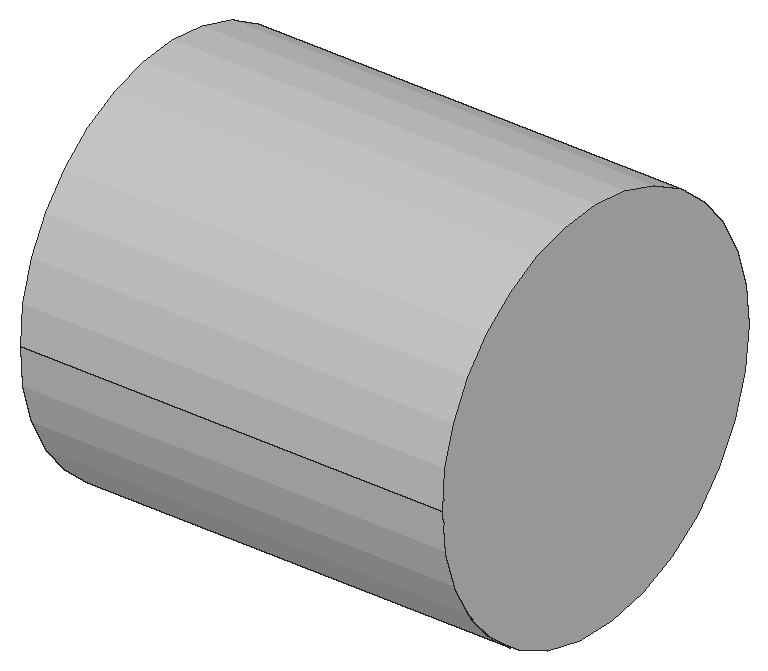
Revit family "Couplings-Shielded-Champion_Couplings-Transition-MI-HUB-TRCC_Series", category Pipe Fittings, Revit 2014
Parameters (values of type "MI-HUB-TRCC-1125 (1.25" x 1")")
  Width B = 1.360"
  Width A = 1.930"
  Waste Connection = no
  Warranty Information = "1 Year Warranty"  # constant formula
  Vent Connection = no
  URL = "http://www.mifab.com"
  Tick Size = Width A * 0.4  # 0.772"
  Standard Listings & Approval = "CSA Approved, U.P.C. Approved"  # constant formula
  Product Page URL = "http://www.mifab.com/Catalog/No_Hub_Couplings/MIHUBTRCC_SHIELDED_NO_HUB_TRANSITION_COUPLINGSCOPPER_TO_COPPER.html"
  Product Documentation Link = "http://www.mifab.com/Catalog/Library/MI-HUB-TRCC-spec_sheet.pdf"
  Price = "Prices may vary. Please consult Manufacturer Representative for most up-to-date price list."  # constant formula
  Pipe Size Description = "1 1/4” Plastic to 1\" Plastic"
  Pipe Outlet Connection Diameter = 1.000"
  Pipe Inlet Connection Diameter = 1.250"
  Pallet Quantity = "7200"
  Nominal Diameter = 1.750"
  Model = "MI-HUB-TRCC"
  Material = "Metal-Champion Couplings-Stainless Steel"  # constant formula
  Masking Reg 2 = no
  Masking Reg 1 = yes
  Manufacturer = "Champion Couplings"  # constant formula
  List Price (Each Piece) = 16.75
  Nominal Height = Height  # 2.130"
  Height = 2.130"
  HW Connection = no
  Description = "MIFAB® Series MI-HUB-TRT (specify size) shielded transition couplings are manufactured with gaskets made\r\nfrom an elastomeric compound that meets the requirements of ASTM C-564 housed inside a Type 300 stainless steel shield. Two\r\nType 300 stainless steel clamps tightened with 5/16” Type 300 stainless steel hex head screws surround the shield to provide the\r\nsealing force. The MI-HUB-TRT Series of shielded transition couplings are tested and certified to ASTM Standard 1460-2012 and\r\nCSA Standard B602-2010 and listed with I.A.P.M.O. All models are listed to the National Plumbing Code of Canada and relevant\r\nCanadian Standard(s) and bear the cUPC mark of conformity. Non constant temperature rating is 140 F."  # constant formula
  Creation Date = "\"2/25/2016\""
  Carton Quantity = "100"
  CW Connection = yes
  Assembly Code = "D2090800"
Types (13): name | Width B | Width A | Tick Size | Pipe Size Description | Pipe Outlet Connection Diameter | Pipe Inlet Connection Diameter | Nominal Diameter | List Price (Each Piece)
  (no name) | 1.360" | 1.930" | 0.772" | "1 1/4” Plastic to 1\" Plastic" | 1.000" | 1.250" | 1.750" | 16.75
  MI-HUB-TRCC-1125 (1.5" x 1.25") | 1.360" | 1.930" | 0.772" | "1 1/2” Copper x 1 1/4” Copper" | 1.250" | 1.500" | 1.750" | 16.75
  MI-HUB-TRCC-1125 (1.5" x 1") | 1.360" | 1.930" | 0.772" | "1 1/2” Copper x 1\" Plastic" | 1.000" | 1.500" | 1.750" | 16.75
  MI-HUB-TRCC-1125 (1.25" x 1") | 1.360" | 1.930" | 0.772" | "1 1/4” Plastic to 1\" Plastic" | 1.000" | 1.250" | 1.750" | 16.75
  MI-HUB-TRCC-1125 (1.25" x 1.25") | 1.360" | 1.930" | 0.772" | "1 1/4” Plastic to 1 1/4” Copper" | 1.250" | 1.250" | 1.750" | 16.75
  MI-HUB-TRCC-150 (1.5" x 1.5") | 1.640" | 1.950" | 0.780" | "1 1/2” Copper x 1 1/2” Copper" | 1.500" | 1.500" | 1.750" | 10.25
  MI-HUB-TRCC-150 (1.5" x 1.25") | 1.640" | 1.950" | 0.780" | "1 1/2” Copper x 1 1/4” Copper" | 1.250" | 1.500" | 1.750" | 10.25
  MI-HUB-TRCC-150 (1.25" x 1.25") | 1.640" | 1.950" | 0.780" | "1 1/4” Plastic to  1 1/4” Plastic" | 1.250" | 1.250" | 1.750" | 10.25
  MI-HUB-TRCC-150 (1.25" x 1.5") | 1.640" | 1.950" | 0.780" | "1 1/4” Plastic to  1 1/2\" Copper" | 1.500" | 1.250" | 1.750" | 10.25
  MI-HUB-TRCC-215 (2" x 1.5") | 1.930" | 2.400" | 0.960" | "2\" Copper to 1 1/2\" Copper" | 1.500" | 2.000" | 1.750" | 11
  MI-HUB-TRCC-215 (2" x 1.25") | 1.930" | 2.400" | 0.960" | "2\" Copper to 1 1/4\" Plastic" | 1.250" | 2.000" | 1.750" | 11
  MI-HUB-TRCC-220 | 2.340" | 2.280" | 0.912" | "2\" Copper TO 2\" Copper" | 2.000" | 2.000" | 2.125" | 11
  MI-HUB-TRCC-330 | 3.520" | 3.370" | 1.348" | "3\" Copper TO 3\" Copper" | 3.000" | 3.000" | 3.125" | 12.5
Reference planes (in)
  plane 1 "Center (Front/Back)": y = 0
  plane 2: z = 0
  plane 3 "Center (Left/Right)": x = 0
  plane 4: x = -1.065
  plane 5: x = 1.065
  plane 6: x = 1.065
  plane 7: y = 0.965
  plane 8: y = -0.965
  plane 9: y = 0.875
  plane 10: y = -0.875
  plane 11: y = 0.965
  plane 12: y = -0.965
  plane 13: y = -0.875
  plane 14: y = 0.875
Forms (in)
  Extrusion 1, solid, material "Metal-Champion Couplings-Stainless Steel"
    sketch origin (0, 0, 0) x (0, 1, 0) y (0, 0, 1)
      loop
        circle (0, 0) r 0.965
    from -1.065 to 1.065
  Revolve 2, solid, material "Metal-Champion Couplings-Stainless Steel"
    sketch origin (0, 0, 0) x (1, 0, 0) y (0, 1, 0)
      loop
        line (0, 0.965) -> (0, 0) -> (1.065, 0) -> (1.065, 0.875) -> (0.09, 0.875) -> (0, 0.965)
      axis (0, 0) -> (1.065, 0)
    angle from 0 to 360
Cuts and joins
  joined: Extrusion 1, Revolve 2
Lines and regions (in)
  Masking region 1, visible <- "Masking Reg 2", detail levels fine
    outline origin (0, 0, 0) x (1, 0, 0) y (0, 1, 0)
      loop
        line (-1.065, 0.965) -> (-1.065, -0.965) -> (0, -0.965) -> (0.09, -0.875) -> (1.065, -0.875) -> (1.065, 0.875) -> (0.09, 0.875) -> (0, 0.965) -> (-1.065, 0.965)
  Masking region 2, visible <- "Masking Reg 1", detail levels fine
    outline origin (0, 0, 0) x (1, 0, 0) y (0, 1, 0)
      loop
        line (-1.065, 0.965) -> (-1.065, -0.965) -> (1.065, -0.965) -> (1.065, 0.965) -> (-1.065, 0.965)
  model lines, detail levels coarse+medium
    curve 1: line (-1.065, 0.772, 0) -> (-1.065, -0.772, 0)
    curve 2: line (1.065, 0.772, 0) -> (1.065, -0.772, 0)
    curve 3: line (1.065, 0, 0) -> (-1.065, 0, 0)
Dimensions and locks (in)
  "Height": plane 4 to plane 5
  equal spacing: plane 4, plane 3 "Center (Left/Right)", plane 5
  "Tick Size": plane 1 "Center (Front/Back)" to curve 1
  "Tick Size": curve 1 to plane 1 "Center (Front/Back)"
  "Tick Size": plane 1 "Center (Front/Back)" to curve 2
  "Tick Size": curve 2 to plane 1 "Center (Front/Back)"
  "Nominal Height": plane 4 to plane 6
  "Width A": plane 8 to plane 7
  equal spacing: plane 8, plane 1 "Center (Front/Back)", plane 7
  "Nominal Diameter": plane 9 to plane 10
  equal spacing: plane 9, plane 1 "Center (Front/Back)", plane 10
  "Width A": plane 11 to plane 12
  "Nominal Diameter": plane 13 to plane 14
  equal spacing: plane 11, plane 1 "Center (Front/Back)", plane 12
  equal spacing: plane 13, plane 1 "Center (Front/Back)", plane 14
  "Width A": Masking region 2 sketch curve to Masking region 2 sketch curve
  equal spacing: Masking region 2 sketch curve, plane 1 "Center (Front/Back)", Masking region 2 sketch curve
  "Width A": diameter of Extrusion 1 sketch curve
  locked: plane 6 to Revolve 2 sketch curve (angle 45.00°)
  locked: plane 3 "Center (Left/Right)" to Masking region 1 sketch curve (angle 45.00°)
  locked: Masking region 1 sketch curve to plane 3 "Center (Left/Right)" (angle 45.00°)
  aligned and locked: Extrusion 1 to plane 4
  aligned and locked: curve 3 to plane 1 "Center (Front/Back)"
  aligned and locked: curve 1 to plane 4
  aligned and locked: plane 5 to curve 2
  aligned and locked: plane 6 to Extrusion 1
  aligned and locked: plane 3 "Center (Left/Right)" to Revolve 2 sketch curve
  aligned and locked: plane 7 to Revolve 2 sketch curve
  aligned and locked: plane 5 to Revolve 2 sketch curve
  aligned and locked: Revolve 2 sketch curve to plane 1 "Center (Front/Back)"
  aligned and locked: Revolve 2 sketch curve to plane 9
  aligned and locked: Masking region 1 sketch curve to plane 11
  aligned and locked: Masking region 1 sketch curve to plane 12
  aligned and locked: plane 4 to Masking region 1 sketch curve
  aligned and locked: plane 14 to Masking region 1 sketch curve
  aligned and locked: Masking region 1 sketch curve to plane 13
  aligned and locked: plane 5 to Masking region 1 sketch curve
  aligned and locked: plane 4 to Masking region 2 sketch curve
  aligned and locked: plane 5 to Masking region 2 sketch curve
Automatic sketch dimensions
  Extrusion 1 sketch curve to level = 0.000"
  Extrusion 1 sketch curve to plane 1 "Center (Front/Back)" = 0.000"
  plane 1 "Center (Front/Back)" to Revolve 2 sketch curve = 0.000"
  Revolve 2 sketch curve to plane 4 = 0.250"
  Revolve 2 sketch curve to Revolve 2 sketch curve = 0.750"
  Masking region 1 sketch curve to plane 3 "Center (Left/Right)" = 0.000"  (x2)
Connectors (in)
  piping at (-1.065, 0, 0), diameter 1.25, driven by "Pipe Inlet Connection Diameter"
    settings: on Extrusion 1, index 1, connector inside diameter 24", connector length 0.000", flow factor 0, pipe flow 0 GPM, pressure drop 0.00 psi, fitting loss kfactor 0, connector angle 0.00°, fixture units 0, engagement length 0.000", angle of deflection 0.00°, flow configuration 0, flow direction 0, fitting loss method 0, system type 28, joint type 0, gender type 0, connector reference index -1, connector utility 0, adjustable connector no, is connector primary yes, connector description ""
  piping at (1.065, 0, 0), diameter 1, driven by "Pipe Outlet Connection Diameter"
    settings: on Revolve 2, index 2, connector inside diameter 24", connector length 0.000", flow factor 0, pipe flow 0 GPM, pressure drop 0.00 psi, fitting loss kfactor 0, connector angle 0.00°, fixture units 0, engagement length 0.000", angle of deflection 0.00°, flow configuration 0, flow direction 0, fitting loss method 0, system type 28, joint type 0, gender type 0, connector reference index -1, connector utility 0, adjustable connector no, is connector primary no, connector description ""
